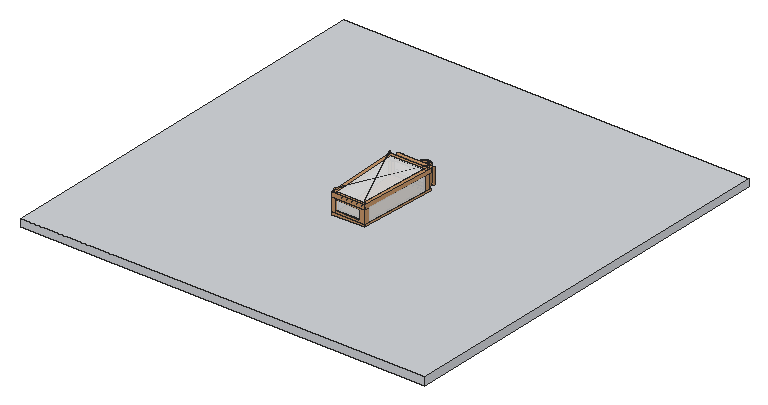
Revit family "P560262-169", category Lighting Fixtures, host Face, Revit 2021
Family settings
  Host = Face
  Round Connector Dimension = Use Diameter
  Part Type = Normal
  OmniClass Number = 23.80.70.11.14.17
  OmniClass Title = Direct/Indirect
  Cut with Voids When Loaded = No
  Light Source = Yes
  Shared = Yes
  Room Calculation Point = No
Parameters (values of type "P560262-169")
  Width = 10.00"
  Watts = 60 W
  Wattage Comments = "60W"
  Wattage = 60 W
  Warranty = "1 year Warranty"  # constant formula
  built-in parameter 1150110 = 1 (stored number, unit not read)
  Voltage = 120 V
  URL = "https://www.hubbell.com/progresslighting/en"
  built-in parameter 1114217 = 1 (stored number, unit not read)
  Tilt Angle = 180.00°
  built-in parameter 1150109 = 1 (stored number, unit not read)
  built-in parameter 1150134 = 3
  built-in parameter 1150113 = 1 (stored number, unit not read)
  Product Link = "https://www.hubbell.com/progresslighting/en/Products/Lighting-Controls/Residential-Outdoor-Lighting/Wall-Lanterns/Wakeford-Collection-One-Light-Antique-Copper-and-Clear-Water-Glass-Transitional-Style-Medium-Outdoor-Wall-Lantern/p/6643633"
  Product Documentation Link = "https://hubbellcdn.com/specsheet/PROG_P560262-169_spec.pdf"
  Power Factor = 1
  Photometric Web File = "generic.ies"
  Model = "P560262-169"  # constant formula
  Manufacturer = "Progress Lighting"  # constant formula
  built-in parameter 1150105 = 477.33 (stored number, unit not read)
  Lumens = 6000 lm
  built-in parameter 1150115 = 1 (stored number, unit not read)
  Load Classification = Lighting
  built-in parameter 1150137 = (empty or 0)
  built-in parameter 1150139 = (empty or 0)
  Length = 21.50"
  built-in parameter 1150112 = 1 (stored number, unit not read)
  built-in parameter 1150114 = 1 (stored number, unit not read)
  built-in parameter 1150132 = (empty or 0)
  built-in parameter 1150102 = (empty or 0)
  built-in parameter 1150107 = 3200 (stored number, unit not read)
  built-in parameter 1150138 = (empty or 0)
  built-in parameter 1150106 = 4.7733 (stored number, unit not read)
  Glass = Paint - Hubbell - White Texture
  Lamp = "LED"  # constant formula
  Housing Material = Hubbell - Metal - Copper
  Fixture distribution = "Direct"  # constant formula
  Features = "Integrate a nostalgic look with modern sophistication with the Wakeford Collection 1-Light Antique Copper Clear Water Transitional Outdoor Medium Wall Lantern Light. A cross-brace design with elements of crown molding trim all coated in an antique copper finish gives the lantern a nostalgic look. A light source glows through textured water glass panes for vintage aesthetic.\r\nApplication: Integrated a nostalgic look with modern sophistication with the Wakeford Collection 1-Light Antique Copper Clear Water Transitional Outdoor Medium Wall Lantern Light ideal for any porch, patio, deck, entryway, bedroom, foyer, barn, or garage.\r\nStyles: Perfect for transitional and traditional style settings.\r\nFinish: A cross-brace design with elements of crown molding trim all coated in an antique copper finish gives the lantern a nostalgic look.\r\nMaterials: Constructed from steel to ensure a long product lifespan.\r\nGlass/Shades: A light source glows through textured water glass panes for vintage aesthetic.\r\nBulbs: For ideal illumination, use 1 medium base bulb that is sold separately (60w max - LED/CFL/incandescent). Compatible with dimmable bulbs.\r\nDimensions: Measures 10-inch width by 21-1/2-inch height.\r\nCertifications: cCSAus wet location listed.\r\nPairs With: Pairs with the Barlowe collection from Progress Lighting.\r\nWarranty: Our 1-Year Limited Warranty guarantees your complete satisfaction with your purchase and includes professional after-sales customer service support."  # constant formula
  built-in parameter 1150104 = 9.2903 (stored number, unit not read)
  Dimming Lamp Color Temperature Shift = <None>
  Description = "Wakeford Collection One-Light Antique Copper and Clear Water Glass Transitional Style Medium Outdoor Wall Lantern"  # constant formula
  Default Elevation = 48.00"
  Copyright = " ©2021 Progress Lighting, a division of Hubbell Lighting, Inc"  # constant formula
  Contact = "https://www.hubbell.com/progresslighting/en/contactUs"
  Connector Description = "Lighting Connector"  # constant formula
  Color Filter = 16777215
  built-in parameter 1114218 = 1 (stored number, unit not read)
  built-in parameter 1150133 = 10 (stored number, unit not read)
  Assembly Code = "D5020200"
  Apparent Load = Watts / Power Factor  # 60 VA
Reference planes (in)
  plane 1 "Center (Front/Back)": y = 0
  plane 2: z = 0.5561
  plane 3 "Center (Left/Right)": x = 0
  plane 4: x = 5
  plane 5: x = -5
  plane 6: y = 10.75
  plane 7: y = -10.75
Forms (in)
  Extrusion 1, solid
    sketch origin (0, 0, 0) x (1, 0, 0) y (0, 1, 0)
      loop
        line (-48, 48) -> (-48, -48) -> (48, -48) -> (48, 48) -> (-48, 48)
    from 0.5561 to -1.25
  Extrusion 2, solid, material "Hubbell - Metal - Copper" <- "Housing Material"
    sketch origin (0, 0, 0) x (1, 0, 0) y (0, 1, 0)
      loop
        line (-4.84278, 7.75) -> (-3.87323, -10.75) -> (3.87323, -10.75) -> (4.84278, 7.75) -> (-4.84278, 7.75)
    from 0.56 to 1
  Extrusion 3, solid, material "Hubbell - Metal - Copper" <- "Housing Material"
    sketch origin (0, 0, 0) x (1, 0, 0) y (0, 1, 0)
      loop
        line (-4.84278, 7.75) -> (-3.87323, -10.75) -> (3.87323, -10.75) -> (4.84278, 7.75) -> (-4.84278, 7.75)
      loop
        line (-4.04589, 6.875) -> (-3.16151, -10) -> (3.16151, -10) -> (4.04589, 6.875) -> (-4.04589, 6.875)
    from 4.27089 to 5.25
  Extrusion 4, solid, material "Paint - Hubbell - White Texture" <- "Glass"
    sketch origin (0, 0, 0) x (1, 0, 0) y (0, 1, 0)
      loop
        line (-3.16151, -10) -> (3.16151, -10) -> (4.04589, 6.875) -> (-4.04589, 6.875) -> (-3.16151, -10)
    from 4.98227 to 5.25
  Sweep 5, solid, material "Hubbell - Metal - Copper" <- "Housing Material"
    path origin (0.00585, 0, 0) x (1, 0, 0) y (0, 0, 1)
      loop
        line (-3.87323, 0.56) -> (3.87323, 0.56) -> (3.87323, 4.98227) -> (-3.87323, 4.98227) -> (-3.87323, 0.56)
    profile origin (0.00585, 0, 0.56) x (0, 0, 1) y (0, -1, 0)
      loop
        line (-0.0039, 10.74813) -> (-0.0039, 9.49813) -> (0.2461, 9.49813) -> (0.2461, 10.49813) -> (0.9961, 10.49813) -> (0.9961, 10.74813) -> (-0.0039, 10.74813)
  Sweep 6, solid, material "Hubbell - Metal - Copper" <- "Housing Material"
    path origin (0.00585, -3, 0) x (1, 0, 0) y (0, 0, -1)
      loop
        line (-4.62323, -0.6225) -> (-4.62323, -5.16977) -> (4.62323, -5.16977) -> (4.62323, -0.6225) -> (-4.62323, -0.6225)
    profile origin (0.00585, -3, 0.6225) x (0, 0, -1) y (0, 1, 0)
      loop
        line (0.0039, 10.74813) -> (-0.9961, 10.74813) -> (-0.9961, 10.49813) -> (-0.2461, 10.49813) -> (-0.2461, 9.49813) -> (0.0039, 9.49813) -> (0.0039, 10.74813)
  Extrusion 7, solid, material "Paint - Hubbell - White Texture" <- "Glass"
    sketch origin (0.04085, 0.21369, 0) x (-0.052336, 0.99863, 0) y (0, 0, 1)
      loop
        line (6.49813, 0.8686) -> (6.49813, 4.27089) -> (-9.49813, 4.27089) -> (-9.49813, 0.8686) -> (6.49813, 0.8686)
    from -4.37128 to -3.87323
  Extrusion 8, solid, material "Paint - Hubbell - White Texture" <- "Glass"
    sketch origin (-0.04085, 0.21369, 0) x (0.052336, 0.99863, 0) y (0, 0, -1)
      loop
        line (6.49813, -0.8686) -> (-9.49813, -0.8686) -> (-9.49813, -4.27089) -> (6.49813, -4.27089) -> (6.49813, -0.8686)
    from -4.37128 to -3.87323
  Extrusion 9, solid, material "Paint - Hubbell - White Texture" <- "Glass"
    sketch origin (0, 0, 0) x (1, 0, 0) y (0, 0, 1)
      loop
        line (-2.87128, 1.5561) -> (2.88298, 1.5561) -> (2.88298, 3.98617) -> (-2.87128, 3.98617) -> (-2.87128, 1.5561)
    from 10 to 10.49813
  Extrusion 10, solid, material "Paint - Hubbell - White Texture" <- "Glass"
    sketch origin (0, -3, 0) x (1, 0, 0) y (0, 0, -1)
      loop
        line (-3.62128, -1.5561) -> (-3.62128, -4.27089) -> (3.63298, -4.27089) -> (3.63298, -1.5561) -> (-3.62128, -1.5561)
    from 10.49813 to 10.75
  Blend 11, solid, material "Hubbell - Metal - Copper" <- "Housing Material"
    base sketch origin (0, 0, 0) x (1, 0, 0) y (0, 0, 1)
      loop
        line (4.63298, 1) -> (4.63298, 4.77089) -> (-4.66453, 4.77089) -> (-4.66453, 1) -> (4.63298, 1)
    top sketch origin (0, 0, 0) x (1, 0, 0) y (0, 0, 1)
      loop
        line (3.89252, 4.27089) -> (-3.72653, 4.27089) -> (-3.72653, 1.52089) -> (3.89252, 1.52089) -> (3.89252, 4.27089)
    from -7.75 to -9.21156
  Sweep 12, solid, material "Hubbell - Metal - Copper" <- "Housing Material"
    path origin (0, 0, 0) x (1, 0, 0) y (0, 0, 1)
      loop
        line (4.02506, 4.36039) -> (-3.97195, 4.36039) -> (-3.97195, 1.38461) -> (4.02506, 1.38461) -> (4.02506, 4.36039)
    profile origin (0.02656, 0, 4.36039) x (0, 0, -1) y (0, -1, 0)
      loop
        line (0, -9.71838) -> (0, -8.96838)
        arc (0, -8.96838) -> (-0.375, -9.34338) -> (0, -9.71838) r 0.375
  Extrusion 13, solid, material "Hubbell - Metal - Copper" <- "Housing Material"
    sketch origin (0, 0, 0) x (1, 0, 0) y (0, 0, 1)
      loop
        line (4.02506, 1.38461) -> (4.02506, 4.36039) -> (-3.97195, 4.36039) -> (-3.97195, 1.38461) -> (4.02506, 1.38461)
    from -9.97082 to -9.71838
  Blend 14, solid, material "Hubbell - Metal - Copper" <- "Housing Material"
    base sketch origin (0, 0, 0) x (1, 0, 0) y (0, 0, 1)
      loop
        line (4.04589, 4.27089) -> (-3.97195, 4.27089) -> (-3.97195, 1.38461) -> (4.04589, 1.38461) -> (4.04589, 4.27089)
    top sketch origin (0, 0, 0) x (1, 0, 0) y (0, 0, 1)
      loop
        line (1.20771, 3.1051) -> (-1.04229, 3.1051) -> (-1.04229, 2.3551) -> (1.20771, 2.3551) -> (1.20771, 3.1051)
    from -9.97082 to -10.46324
  Sweep 15, solid, material "Hubbell - Metal - Copper" <- "Housing Material"
    path origin (0, 0.125, 0) x (1, 0, 0) y (0, 1, 0)
      loop
        circle (0, 11.74167) r 1.14814
    profile origin (0, 13.01481, 0) x (0, -1, 0) y (0, 0, 1)
      loop
        line (-0.21144, 2.88338) -> (-0.21144, 2.61158) -> (0.20818, 2.61158) -> (0.20818, 2.88338) -> (-0.21144, 2.88338)
  Revolve 16, solid, material "Hubbell - Metal - Copper" <- "Housing Material"
    sketch origin (0, 0, 2.7301) x (1, 0, 0) y (0, 1, 0)
      loop
        line (0, 10.46324) -> (0.19109, 10.46324) -> (0.19109, 11.00828) -> (0, 11.00828) -> (0, 10.46324)
      axis (0, 11.00828) -> (0, 10.46324)
    angle from 0 to 360
  Sweep 17, solid, material "Hubbell - Metal - Copper" <- "Housing Material"
    path origin (0.89877, -0.49016, 0) x (0.422618, 0.906308, 0) y (0, 0, 1)
      loop
        line (8.6875, 5.17367) -> (8.6875, 5.62367)
        arc (8.6875, 5.62367) -> (8.59963, 5.8358) -> (8.3875, 5.92367) r 0.3
        line (8.3875, 5.92367) -> (-10.625, 5.92367)
        arc (-10.625, 5.92367) -> (-10.80178, 5.85045) -> (-10.875, 5.67367) r 0.25
        line (-10.875, 5.67367) -> (-10.875, 4.98227)
    profile origin (4.57027, 7.38339, 5.39867) x (-0.422618, -0.906308, 0) y (0.906308, -0.422618, 0)
      loop
        circle (0, 0) r 0.05
  Sweep 18, solid, material "Hubbell - Metal - Copper" <- "Housing Material"
    path origin (-0.89877, -0.49016, 0) x (-0.422618, 0.906308, 0) y (0, 0, -1)
      loop
        line (8.6875, -5.17367) -> (8.6875, -5.62367)
        arc (8.6875, -5.62367) -> (8.59963, -5.8358) -> (8.3875, -5.92367) r 0.3
        line (8.3875, -5.92367) -> (-10.625, -5.92367)
        arc (-10.625, -5.92367) -> (-10.80178, -5.85045) -> (-10.875, -5.67367) r 0.25
        line (-10.875, -5.67367) -> (-10.875, -4.98227)
    profile origin (-4.57027, 7.38339, 5.39867) x (-0.422618, 0.906308, 0) y (-0.906308, -0.422618, 0)
      loop
        circle (0, 0) r 0.05
Dimensions and locks (in)
  plane 4 to plane 5 = 10.00"  (x2)
  equal spacing: plane 4, plane 3 "Center (Left/Right)", plane 5  (x2)
  "Width": plane 5 to plane 4
  equal spacing: plane 5, plane 3 "Center (Left/Right)", plane 4
  "Length": plane 7 to plane 6
  equal spacing: plane 7, plane 1 "Center (Front/Back)", plane 6
  aligned and locked: plane 2 to Extrusion 1
Automatic sketch dimensions
  Extrusion 1 sketch curve to Extrusion 1 sketch curve = 96.00"  (x2)
  plane 7 to Extrusion 2 sketch curve = 0.00"
  plane 5 to Extrusion 2 sketch curve = 0.15722"
  plane 5 to Extrusion 2 sketch curve = 1.12677"
  Extrusion 2 sketch curve to plane 4 = 1.12677"
  Extrusion 2 sketch curve to plane 4 = 0.15722"
  plane 6 to Extrusion 2 sketch curve = 3.00"
  plane 7 to Extrusion 3 sketch curve = 0.00"
  plane 5 to Extrusion 3 sketch curve = 0.15722"
  plane 5 to Extrusion 3 sketch curve = 0.95411"
  plane 5 to Extrusion 3 sketch curve = 1.12677"
  Extrusion 3 sketch curve to plane 7 = 0.75"
  Extrusion 3 sketch curve to Extrusion 3 sketch curve = 0.71172"  (x2)
  Extrusion 3 sketch curve to plane 4 = 1.83849"
  Extrusion 3 sketch curve to plane 4 = 0.95411"
  Extrusion 3 sketch curve to plane 4 = 0.15722"
  plane 6 to Extrusion 3 sketch curve = 3.875"
  Extrusion 3 sketch curve to Extrusion 3 sketch curve = 0.875"
  plane 5 to Extrusion 4 sketch curve = 0.95411"
  Extrusion 4 sketch curve to plane 7 = 0.75"
  plane 5 to Extrusion 4 sketch curve = 1.83849"
  Extrusion 4 sketch curve to plane 4 = 1.83849"
  Extrusion 4 sketch curve to plane 4 = 0.95411"
  plane 6 to Extrusion 4 sketch curve = 3.875"
  plane 5 to Sweep 5 sketch curve = 1.13261"
  Sweep 5 sketch curve to plane 4 = 1.12092"
  plane 2 to Sweep 5 sketch curve = 0.0039"
  Sweep 5 sketch curve to Sweep 5 sketch curve = 4.42227"
  profile plane to Sweep 5 sketch curve = 0.0039"
  Sweep 5 sketch curve to profile plane = 0.2461"
  Sweep 5 sketch curve to Sweep 5 sketch curve = 0.75"
  plane 1 "Center (Front/Back)" to Sweep 5 sketch curve = 9.49813"
  Sweep 5 sketch curve to Sweep 5 sketch curve = 1.00"
  Sweep 5 sketch curve to Sweep 5 sketch curve = 0.25"
  plane 5 to Sweep 6 sketch curve = 0.38261"
  Sweep 6 sketch curve to plane 4 = 0.37092"
  plane 2 to Sweep 6 sketch curve = 4.61367"
  plane 2 to Sweep 6 sketch curve = 0.0664"
  profile plane to Sweep 6 sketch curve = 0.9961"
  profile plane to Sweep 6 sketch curve = 0.2461"
  Sweep 6 sketch curve to profile plane = 0.0039"
  profile plane to Sweep 6 sketch curve = 9.49813"
  Sweep 6 sketch curve to Sweep 6 sketch curve = 1.00"
  Sweep 6 sketch curve to Sweep 6 sketch curve = 0.25"
  plane 2 to Extrusion 7 sketch curve = 0.3125"
  plane 2 to Extrusion 7 sketch curve = 3.71479"
  Extrusion 7 sketch curve to Extrusion 7 sketch curve = 15.99626"
  plane 2 to Extrusion 8 sketch curve = 0.3125"
  plane 2 to Extrusion 8 sketch curve = 3.71479"
  Extrusion 8 sketch curve to Extrusion 8 sketch curve = 15.99626"
  plane 5 to Extrusion 9 sketch curve = 2.12872"
  Extrusion 9 sketch curve to plane 4 = 2.11702"
  plane 2 to Extrusion 9 sketch curve = 1.00"
  Extrusion 9 sketch curve to Extrusion 9 sketch curve = 2.43007"
  plane 5 to Extrusion 10 sketch curve = 1.37872"
  Extrusion 10 sketch curve to plane 4 = 1.36702"
  plane 2 to Extrusion 10 sketch curve = 3.71479"
  plane 2 to Extrusion 10 sketch curve = 1.00"
  plane 5 to Blend 11 sketch curve = 0.33547"
  Blend 11 sketch curve to plane 4 = 0.36702"
  plane 2 to Blend 11 sketch curve = 0.4439"
  Blend 11 sketch curve to Blend 11 sketch curve = 3.77089"
  plane 5 to Blend 11 sketch curve = 1.27347"
  Blend 11 sketch curve to plane 4 = 1.10748"
  plane 2 to Blend 11 sketch curve = 0.96479"
  Blend 11 sketch curve to Blend 11 sketch curve = 2.75"
  plane 5 to Sweep 12 sketch curve = 1.02805"
  Sweep 12 sketch curve to plane 4 = 0.97494"
  plane 2 to Sweep 12 sketch curve = 0.8285"
  Sweep 12 sketch curve to Sweep 12 sketch curve = 2.97578"
  Sweep 12 sketch curve to profile plane = 0.00"
  Sweep 12 sketch curve to plane 1 "Center (Front/Back)" = 9.71838"
  Sweep 12 sketch curve to Sweep 12 sketch curve = 0.375"
  plane 5 to Extrusion 13 sketch curve = 1.02805"
  Extrusion 13 sketch curve to plane 4 = 0.97494"
  plane 2 to Extrusion 13 sketch curve = 0.8285"
  Extrusion 13 sketch curve to Extrusion 13 sketch curve = 2.97578"
  plane 5 to Blend 14 sketch curve = 1.02805"
  Blend 14 sketch curve to plane 4 = 0.95411"
  plane 2 to Blend 14 sketch curve = 0.8285"
  Blend 14 sketch curve to Blend 14 sketch curve = 2.88629"
  Blend 14 sketch curve to plane 3 "Center (Left/Right)" = 1.04229"
  plane 3 "Center (Left/Right)" to Blend 14 sketch curve = 1.20771"
  plane 2 to Blend 14 sketch curve = 1.799"
  Blend 14 sketch curve to Blend 14 sketch curve = 0.75"
  Sweep 15 sketch curve to plane 3 "Center (Left/Right)" = 0.00"
  Sweep 15 sketch curve to plane 6 = 1.11667"
  profile plane to Sweep 15 sketch curve = 0.21144"
  Sweep 15 sketch curve to profile plane = 0.20818"
  level to Sweep 15 sketch curve = 2.61158"
  Sweep 15 sketch curve to Sweep 15 sketch curve = 0.27181"
  Revolve 16 sketch curve to plane 3 "Center (Left/Right)" = 0.00"  (x2)
  plane 3 "Center (Left/Right)" to Revolve 16 sketch curve = 0.19109"
  plane 6 to Revolve 16 sketch curve = 0.28676"
  Revolve 16 sketch curve to plane 6 = 0.25828"
  Revolve 16 sketch curve to Revolve 16 sketch curve = 1.25169"
  Revolve 16 sketch curve to Revolve 16 sketch curve = 1.49172"
  plane 2 to Sweep 17 sketch curve = 5.11757"
  Sweep 17 sketch curve to Sweep 17 sketch curve = 0.25"
  plane 2 to Sweep 17 sketch curve = 5.06757"
  Sweep 17 sketch curve to Sweep 17 sketch curve = 19.0125"
  Sweep 17 sketch curve to Sweep 17 sketch curve = 0.45"
  Sweep 17 sketch curve to Sweep 17 sketch curve = 0.6914"
  Sweep 17 sketch curve to profile plane = 0.00"
  profile plane to Sweep 17 sketch curve = 0.00"
  plane 2 to Sweep 18 sketch curve = 5.11757"
  Sweep 18 sketch curve to Sweep 18 sketch curve = 0.25"
  plane 2 to Sweep 18 sketch curve = 5.06757"
  Sweep 18 sketch curve to Sweep 18 sketch curve = 19.0125"
  Sweep 18 sketch curve to Sweep 18 sketch curve = 0.45"
  Sweep 18 sketch curve to Sweep 18 sketch curve = 0.6914"
  profile plane to Sweep 18 sketch curve = 0.00"  (x2)
  radius of Sweep 15 sketch curve = 1.14814"
  radius of Sweep 17 sketch curve = 0.05"
  radius of Sweep 18 sketch curve = 0.05"
Connectors (in)
  electrical at (0, -1.5, 0.56), driven by "Connector Description", driven by "Power Factor", driven by "Apparent Load", driven by "Voltage", driven by "Load Classification"
    settings: on Extrusion 2, index 1, voltage 120 V, apparent load 60 VA, apparent load phase1 0 VA, apparent load phase2 0 VA, apparent load phase3 0 VA, power factor 1, load classification "Lighting", number of poles 1, system type 30, power factor state 1, is connector primary yes, connector utility no, sub classification motor no, connector description "Lighting Connector"
